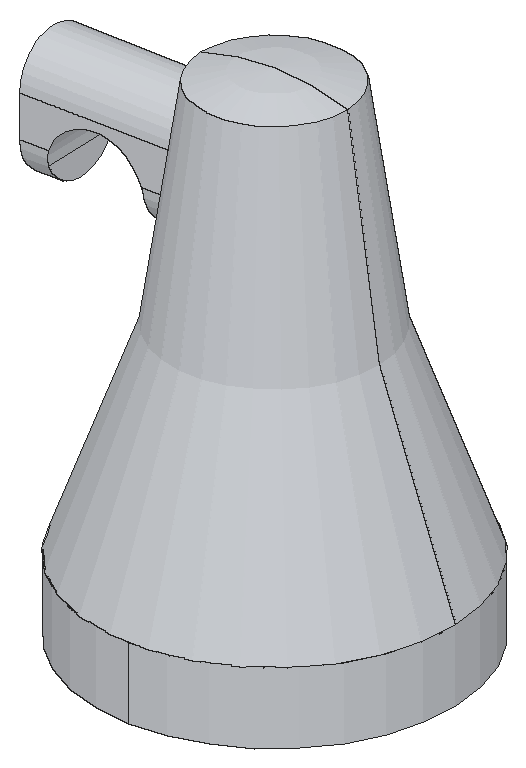
Revit family "BL-2502-11 GANCHO CONTEMPRA", category Plumbing Fixtures, host Face, Revit 2018
Family settings
  Host = Face
  Round Connector Dimension = Use Diameter
  Part Type = Normal
  OmniClass Number = 23.31.11.00
  Cut with Voids When Loaded = No
  Shared = No
  Room Calculation Point = No
Parameters (values of type "BL-2502-11")
  Waste Water Outlet = ""
  Plastico ABS cromado = Plastico - ABS Cromado
  Link Ficha Tecnica = "http://infotecnica.gricol.com/FT_BL250211.pdf"
  Waste Connection = 1 = 0  # no
  Vent Connection = 1 = 0  # no
  URL = "https://www.gricol.com/"
  Type Image = GANCHO CONTEMPRA.jpg
  Product Name = "GANCHO CONTEMPRA"  # constant formula
  Alto = 70.0 mm
  Diametro base = 50.0 mm
  Model = "BL-2502-11"  # constant formula
  Manufacturer = "Gricol"  # constant formula
  HW Connection = 1 = 1  # yes
  Description = "Gancho "  # constant formula
  Default Elevation = 0.0 mm
  Date Modified = ""
  Date Created = "05/28/2020"  # constant formula
  Copyright = "All rights reserved © Gricol - 2020."  # constant formula
  CW Connection = 1 = 1  # yes
  Assembly Code = ""
Reference planes
  plane 1 "Center (Front/Back)": y = 0
  plane 2: z = 0
  plane 3 "Center (Left/Right)": x = 0
  plane 4: y = 25.156
  plane 5: y = -24.844
  plane 6: x = 25
  plane 7: x = -25
  plane 8: z = 70
Dimensions and locks
  "Diametro base": plane 4 to plane 5
  plane 7 to plane 6 = 50.0 mm  (x2)
  "Alto": plane 8 to level
  plane 8 to level = 70.0 mm
  equal spacing: plane 7, plane 3 "Center (Left/Right)", plane 6
  "Diametro base": plane 7 to plane 6
  aligned and locked: plane 2 to host face
  aligned and locked: level to host face
Automatic sketch dimensions
  host sketch curve to host sketch curve = 278.861 mm
  host sketch curve to host sketch curve = 199.499 mm
Nested families
  nested 1: "GANCHO CONTEMPRA" at (0, 0, 0), type "GANCHO CONTEMPRA"
Definition of nested family "GANCHO CONTEMPRA"
  Parameters (values of type "GANCHO CONTEMPRA")
    Vaso Portacepillos = none
    Brazo Portacepillos = none
    Alto vaso = 95.0 mm
    Alto soporte = 70.0 mm
  Reference planes
    plane 1 "Center (Front/Back)": y = 0
    plane 2: z = 0
    plane 3 "Center (Left/Right)": x = 0
    plane 4: z = 70
  Forms (mm)
    Extrusion 1, solid
      sketch origin (0, 121.749, 64.151) x (0, 1, 0) y (-1, 0, 0)
        loop
          circle (-121.749, 0) r 25
      from -64.151 to -54.151
    Revolve 2, solid
      sketch origin (-1300, 0, 0) x (1, 0, 0) y (0, 0, 1)
        loop
          line (1300, 70.003) -> (1300, 10) -> (1325, 10)
          arc (1325, 10) -> (1314.548, 38.421) -> (1310.077, 68.371) r 148.541
          arc (1310.077, 68.371) -> (1305.105, 69.598) -> (1300, 70.003) r 31.46
        axis (1300, 10) -> (1300, 70.003)
      angle from 0 to 360
    Extrusion 3, solid
      sketch origin (0, 2.085, 0.625) x (0, 1, 0) y (0, 0, 1)
        loop
          line (3.729, 52.352) -> (3.729, 58.218)
          arc (3.729, 58.218) -> (-2.085, 64.032) -> (-7.9, 58.218) r 5.814
          line (-7.9, 58.218) -> (-7.9, 52.352)
          arc (-7.9, 52.352) -> (-2.085, 46.537) -> (3.729, 52.352) r 5.814
      from 0 to -30.376
    Extrusion 4, void
      sketch origin (-1300, 0, 0) x (1, 0, 0) y (0, 0, 1)
        loop
          arc (1286.646, 50.916) -> (1279.966, 57.596) -> (1273.285, 50.916) r 6.68
          line (1273.285, 50.916) -> (1273.285, 45) -> (1286.646, 45) -> (1286.646, 50.916)
      from -14.326 to 8.68
  Cuts and joins
    Extrusion 4 cuts Extrusion 3
    joined: Revolve 2, Extrusion 3
  Dimensions and locks
    "Alto soporte": level to plane 4
    plane 4 to level = 70.0 mm
    aligned and locked: level to plane 2
  Automatic sketch dimensions
    plane 1 "Center (Front/Back)" to Extrusion 1 sketch curve = 0.0 mm
    Extrusion 1 sketch curve to plane 3 "Center (Left/Right)" = 0.0 mm
    Revolve 2 sketch curve to plane 3 "Center (Left/Right)" = 0.0 mm  (x2)
    plane 3 "Center (Left/Right)" to Revolve 2 sketch curve = 0.077 mm
    level to Revolve 2 sketch curve = 10.0 mm
    plane 3 "Center (Left/Right)" to Revolve 2 sketch curve = 25.0 mm
    Revolve 2 sketch curve to plane 4 = 5.212 mm
    Revolve 2 sketch curve to Revolve 2 sketch curve = 133.461 mm
    Revolve 2 sketch curve to Revolve 2 sketch curve = 28.542 mm
    Revolve 2 sketch curve to plane 4 = 0.003 mm
    Revolve 2 sketch curve to Revolve 2 sketch curve = 1.459 mm
    Revolve 2 sketch curve to Revolve 2 sketch curve = 9.999 mm
    plane 1 "Center (Front/Back)" to Extrusion 3 sketch curve = 5.814 mm
    plane 1 "Center (Front/Back)" to Extrusion 3 sketch curve = 0.0 mm
    plane 4 to Extrusion 3 sketch curve = 17.023 mm
    plane 4 to Extrusion 3 sketch curve = 11.157 mm
    Extrusion 4 sketch curve to plane 3 "Center (Left/Right)" = 20.034 mm
    plane 4 to Extrusion 4 sketch curve = 19.084 mm
    Extrusion 4 sketch curve to Extrusion 4 sketch curve = 6.68 mm
    Extrusion 4 sketch curve to Extrusion 4 sketch curve = 5.916 mm
    radius of Extrusion 1 sketch curve = 25.0 mm
